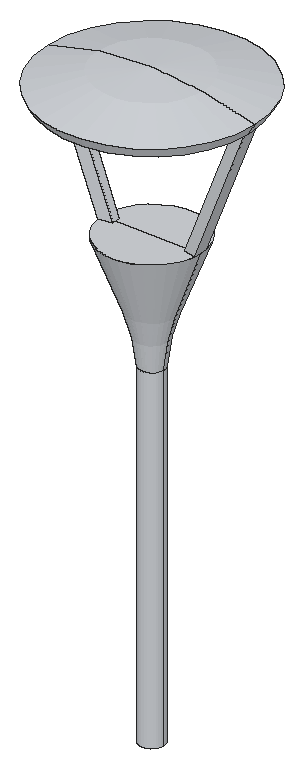
Revit family "O41 LED 2000 HF 830 WB BLACK_Unhosted", category Lighting Fixtures, Revit 2016
Family settings
  Part Type = Normal
  Round Connector Dimension = Use Diameter
  OmniClass Number = 23.80.70.00
  OmniClass Title = Lighting
  Work Plane-Based = No
  Always vertical = Yes
  Cut with Voids When Loaded = No
  Light Source = Yes
  Shared = No
  Room Calculation Point = No
Parameters
  Wiring Accessories = ""
  Wattage Comments = ""
  Wattage = 22 W
  VoltageMax = 240 V
  built-in parameter 1150110 = 1 (stored number, unit not read)
  Voltage = 220 V
  UpdateDate = "25.11.2020 14:30:45"
  URL UK = "http://glamox.com/uk/products/O41-3/items/O418208312"
  URL Sweden = "http://glamox.com/se/produkter/O41-3/items/O418208312"
  URL Russia = "http://glamox.com/ru/products/O41-3"
  URL Other = "http://glamox.com/gsx/products/O41-3"
  URL Norway = "http://glamox.com/no/produkter/O41-3/items/O418208312"
  URL Ireland = "http://glamox.com/ie/products/O41-3/items/O418208312"
  URL Germany = "http://glamox.com/de/products/O41-3/items/O418208312"
  URL Finland = "http://glamox.com/fi/products/O41-3/items/O418208312"
  URL Estonia = "http://glamox.com/ee/products/O41-3/items/O418208312"
  URL Denmark = "http://glamox.com/dk/produkter/O41-3/items/O418208312"
  URL = ""
  TypeOfEmergency = ""
  TypeOfBallast = "HF = High frequency"
  TotalWattage = 22 W
  Total Load = 22 W
  built-in parameter 1114217 = 1 (stored number, unit not read)
  Termination = ""
  Specification = "Outdoor product, in Aluminium, for Facade/Pole mounting, impact classification IK8, IP66, light source LED, lumen out 2000lm, ballast type HF = High frequency, with light source type CRI>80, 3000K, 6 metre cable, optic type WB = Wide Beam Reflector."
  Remark = ""
  RatedVoltage = 220 V
  PowerFactor = 98.00%
  Plug Type = ""
  Optic = "WB"
  NominalFrequencyRange = 50 Hz
  ModelReference = "O41"
  ModelLabel = "O41 LED 2000 HF 830 WB BLACK"
  Maximum TA = 45
  MaintenanceFactor = 0
  MFArtNo = "O418208312"
  LightFixturePlacingType = "POLE"
  LightFixtureMountingType = "POLE_TOP"
  LampBase = ""
  Lamp Wattage Comments = ""
  IP_Code = "66"
  IPClass = "66"
  IK_Code = ""
  IFC Classification = "Light Fixture"
  GlobalTradeItemNumber = "8054378360497"
  Glamox Mounting = "Pole"
  Glamox Family = "O41"
  Glamox Category = "Outdoor"
  FrequencyMax = 60 Hz
  Frequency = 50 Hz
  Expired = "0"
  ELNo Norway = ""
  ELNo Finland = ""
  EANNo = "8054378360497"
  DurationInBatteryMode = ""
  Diameter = 520 mm
  Tilt Angle = 90.00°
  built-in parameter 1150109 = 1 (stored number, unit not read)
  built-in parameter 1150134 = (empty or 0)
  built-in parameter 1150113 = 1 (stored number, unit not read)
  Power Factor = 0.98
  Pole Height [instance] = 850 mm
  Photometric Web File = "O41-LED-2000-830-WB.ies"
  Number of Poles = 1
  LumDiameter = 145 mm
  Load Classification [instance] = Lighting
  Model = ""
  Manufacturer = "Glamox"
  Lumens = 2000 lm
  built-in parameter 1150115 = 1 (stored number, unit not read)
  built-in parameter 1150105 = 159.15 (stored number, unit not read)
  built-in parameter 1150137 = (empty or 0)
  built-in parameter 1150139 = (empty or 0)
  built-in parameter 1150112 = 1 (stored number, unit not read)
  built-in parameter 1150114 = 1 (stored number, unit not read)
  Lamp = "LED"
  Pole Radius = Radius - 15 mm  # -15 mm
  built-in parameter 1150132 = 2
  built-in parameter 1150102 = (empty or 0)
  built-in parameter 1150138 = (empty or 0)
  built-in parameter 1150107 = 3000 (stored number, unit not read)
  built-in parameter 1150106 = 1.5915 (stored number, unit not read)
  Height = 675 mm
  Emit from Circle Diameter = LumDiameter  # 145 mm
  Emit Shape Visible in Rendering = yes
  built-in parameter 1150104 = 8.4457 (stored number, unit not read)
  Dimming Lamp Color Temperature Shift = Incandescent Lamp Curve
  Diameter1 = 0 mm
  Description = "O41 LED 2000 HF 830 WB BLACK"
  Cut Out = ""
  Completion = ""
  Color Filter = 16777215
  Radius = Diameter1 / 2  # 0 mm
  Body Material and Colour = Default
  built-in parameter 1114218 = 1 (stored number, unit not read)
  built-in parameter 1150133 = 10 (stored number, unit not read)
  Assembly Code = ""
  ArticleNumber = "O418208312"
  Apparent Load = Total Load / Power Factor  # 22.449 VA
  #Ballast = 1
  # ballast on a MCB16 type C fuse = "47"
  # ballast on a MCB16 type B fuse = "28"
Reference planes
  plane 1 "Light Source Axis (F/B)": y = 118.827
  plane 2: z = 0
  plane 3 "Light Source Axis (L/R)": x = 0
  plane 4 "Light Source Elevation": z = 1460
  plane 5: x = 30
  plane 6: z = 850
  plane 7: z = 1145
  plane 8: z = 1525
  plane 9: x = 246
  plane 10: x = 260
  plane 11: x = 123
Forms (mm)
  Revolve 1, solid, not visible
    sketch origin (1.173, 0, -16.283) x (1, 0, 0) y (0, 0, 1)
      loop
        arc (260, 1125) -> (132.475, 1162.872) -> (0, 1175) r 675.032
        line (0, 1175) -> (0, 1115) -> (260, 1115) -> (260, 1125)
      axis (0, 1175) -> (0, 1115)
    angle from 0 to 360
  Revolve 2, solid, not visible
    sketch origin (1.173, 0, -16.283) x (1, 0, 0) y (0, 0, 1)
      loop
        line (0, 810) -> (0, 500) -> (35, 500)
        spline (35, 500) -> (35.63, 524.235) -> (37.471, 546.871) -> (40.452, 568.453) -> (44.5, 589.526) -> (49.542, 610.635) -> (55.524, 632.329) -> (62.62, 655.214) -> (71.156, 679.933) -> (81.46, 707.127) -> (93.862, 737.441) -> (108.69, 771.518) -> (126.274, 810)
        line (126.274, 810) -> (0, 810)
      axis (0, 810) -> (0, 500)
    angle from 0 to 360
  Blend 3, solid, not visible
    base sketch origin (1.173, 0, -16.283) x (1, 0, 0) y (0, 1, 0)
      loop
        arc (259.198, -20.401) -> (260, -0.002) -> (259.199, 20.397) r 260
        line (259.199, 20.397) -> (214.199, 20.397)
        arc (214.199, 20.397) -> (215, -0.002) -> (214.198, -20.401) r 260
        line (214.198, -20.401) -> (259.198, -20.401)
    top sketch origin (1.173, 0, -16.283) x (1, 0, 0) y (0, 1, 0)
      loop
        line (81.274, -20.401) -> (124.615, -20.401)
        arc (124.615, -20.401) -> (126.274, -0.002) -> (124.616, 20.397) r 126.274
        line (124.616, 20.397) -> (81.275, 20.397)
        arc (81.275, 20.397) -> (82.076, -0.002) -> (81.274, -20.401) r 260
    from 1115 to 810
  Blend 4, solid, not visible
    base sketch origin (1.173, 0, -16.283) x (-1, 0, 0) y (0, -1, 0)
      loop
        line (259.198, 20.401) -> (214.198, 20.401)
        arc (214.198, 20.401) -> (215, 0.002) -> (214.199, -20.397) r 260
        line (214.199, -20.397) -> (259.199, -20.397)
        arc (259.199, -20.397) -> (260, 0.002) -> (259.198, 20.401) r 260
    top sketch origin (1.173, 0, -16.283) x (-1, 0, 0) y (0, -1, 0)
      loop
        arc (81.274, 20.401) -> (82.076, 0.002) -> (81.275, -20.397) r 260
        line (81.275, -20.397) -> (124.616, -20.397)
        arc (124.616, -20.397) -> (126.274, 0.002) -> (124.615, 20.401) r 126.274
        line (124.615, 20.401) -> (81.274, 20.401)
    from 1115 to 810
  Extrusion 5, solid
    sketch origin (0, 0, 0) x (1, 0, 0) y (0, 1, 0)
      loop
        circle (0, 118.827) r 30.103
    from 0 to 850
  Revolve 6, solid
    sketch origin (0, 118.827, 0) x (1, 0, 0) y (0, 0, 1)
      loop
        line (123, 1145) -> (0, 1145) -> (0, 850) -> (30.103, 850)
        spline (30.103, 850) -> (32.667, 873.994) -> (35.982, 895.858) -> (40.14, 916.494) -> (45.232, 936.807) -> (51.353, 957.701) -> (58.592, 980.078) -> (66.986, 1004.475) -> (76.452, 1030.619) -> (86.887, 1058.126) -> (98.191, 1086.613) -> (110.263, 1115.699) -> (123, 1145)
      axis (0, 850) -> (0, 1145)
    angle from 0 to 360
  Revolve 7, solid
    sketch origin (0, 118.827, 0) x (1, 0, 0) y (0, 0, 1)
      loop
        line (0, 1525) -> (0, 1475) -> (123, 1475) -> (123, 1460) -> (246, 1460) -> (260, 1484.249)
        arc (260, 1484.249) -> (131.724, 1515.622) -> (0, 1525) r 783.274
      axis (0, 1460) -> (0, 1525)
    angle from 0 to 360
  Blend 8, solid
    base sketch origin (0, 0, 0) x (1, 0, 0) y (0, 1, 0)
      loop
        line (245.322, 137.073) -> (214.972, 130.066) -> (214.972, 107.582) -> (245.362, 101.122)
        arc (245.362, 101.122) -> (246, 119.098) -> (245.322, 137.073) r 246
    top sketch origin (0, 0, 0) x (1, 0, 0) y (0, 1, 0)
      loop
        line (121.617, 136.458) -> (91.222, 129.441) -> (91.222, 108.832) -> (121.698, 102.354)
        arc (121.698, 102.354) -> (122.249, 119.407) -> (121.617, 136.458) r 246
    from 1460 to 1145
  Blend 9, solid
    base sketch origin (-0.25, 238.393, 0) x (-1, 0, 0) y (0, -1, 0)
      loop
        line (245.322, 137.073) -> (214.972, 130.066) -> (214.972, 107.582) -> (245.362, 101.122)
        arc (245.362, 101.122) -> (246, 119.098) -> (245.322, 137.073) r 246
    top sketch origin (-0.25, 238.393, 0) x (-1, 0, 0) y (0, -1, 0)
      loop
        line (121.617, 136.458) -> (91.222, 129.441) -> (91.222, 108.832) -> (121.698, 102.354)
        arc (121.698, 102.354) -> (122.249, 119.407) -> (121.617, 136.458) r 246
    from 1460 to 1145
Lines and regions (mm)
  symbolic lines
    curve 1: arc (-260, 118.827, 0) -> (0, 378.827, 0) -> (260, 118.827, 0) r 260
    curve 2: arc (260, 118.827, 0) -> (0, -141.173, 0) -> (-260, 118.827, 0) r 260
    curve 3: line (0, 118.827, 0) -> (183.848, 302.675, 0)
    curve 4: line (0, 118.827, 0) -> (-183.848, 302.675, 0)
    curve 5: line (0, 118.827, 0) -> (-183.848, -65.021, 0)
    curve 6: line (0, 118.827, 0) -> (183.848, -65.021, 0)
Dimensions and locks
  "Pole Height": plane 6 to plane 2
  locked: plane 6 to plane 7 at 295
  locked: plane 6 to plane 4 "Light Source Elevation" at 610
  "Height": plane 6 to plane 8
  locked: plane 5 to plane 3 "Light Source Axis (L/R)" at 30
  locked: plane 11 to plane 3 "Light Source Axis (L/R)" at 123
  locked: plane 9 to plane 3 "Light Source Axis (L/R)" at 246
  locked: plane 10 to plane 3 "Light Source Axis (L/R)" at 260
  aligned and locked: plane 3 "Light Source Axis (L/R)" to imposter light
  aligned and locked: plane 1 "Light Source Axis (F/B)" to imposter light
  aligned and locked: Extrusion 5 to level
  aligned and locked: plane 6 to Extrusion 5
  aligned and locked: plane 11 to Revolve 6 sketch curve
  aligned and locked: plane 3 "Light Source Axis (L/R)" to Revolve 6 sketch curve  (x2)
  aligned and locked: plane 6 to Revolve 6 sketch curve
  aligned and locked: Revolve 6 sketch curve to plane 7
  aligned and locked: plane 3 "Light Source Axis (L/R)" to Revolve 7 sketch curve  (x2)
  aligned and locked: plane 10 to Revolve 7
  aligned and locked: Revolve 7 to plane 4 "Light Source Elevation"
  aligned and locked: Revolve 7 sketch curve to plane 11
  aligned and locked: plane 7 to Blend 8
  aligned and locked: Blend 8 to plane 4 "Light Source Elevation"
  aligned and locked: Blend 9 to plane 7
  aligned and locked: Blend 9 to plane 4 "Light Source Elevation"
Automatic sketch dimensions
  curve 3 to plane 3 "Light Source Axis (L/R)" = 0 mm
  plane 1 "Light Source Axis (F/B)" to curve 6 = 0 mm
  Blend 4 sketch curve to Blend 4 sketch curve = 177.924 mm
  Blend 4 sketch curve to Blend 4 sketch curve = 81.274 mm
  Blend 4 sketch curve to Blend 4 sketch curve = 0 mm  (x3)
  Blend 4 sketch curve to Blend 4 sketch curve = 43.341 mm
  Blend 4 sketch curve to Blend 4 sketch curve = 0.001 mm
  Blend 4 sketch curve to Blend 4 sketch curve = 20.401 mm  (x2)
  Revolve 1 sketch curve to Revolve 1 sketch curve = 4.997 mm
  Revolve 1 sketch curve to Revolve 1 sketch curve = 260 mm
  Revolve 1 sketch curve to Revolve 1 sketch curve = 615.014 mm
  Revolve 1 sketch curve to Revolve 1 sketch curve = 10 mm
  Revolve 1 sketch curve to Revolve 1 sketch curve = 0 mm
  Revolve 1 sketch curve to Revolve 1 sketch curve = 1109.586 mm
  Revolve 1 sketch curve to Revolve 1 sketch curve = 381.882 mm
  Revolve 2 sketch curve to Revolve 2 sketch curve = 35 mm
  Revolve 2 sketch curve to Revolve 2 sketch curve = 126.274 mm
  Revolve 2 sketch curve to Revolve 2 sketch curve = 310 mm
  Revolve 2 sketch curve to Revolve 2 sketch curve = 0 mm
  Revolve 2 sketch curve to Revolve 2 sketch curve = 1109.6 mm
  Revolve 2 sketch curve to Revolve 2 sketch curve = 1799.058 mm
  Blend 3 sketch curve to Blend 3 sketch curve = 45 mm  (x2)
  Blend 3 sketch curve to Blend 3 sketch curve = 214.198 mm
  Blend 3 sketch curve to Blend 3 sketch curve = 0 mm  (x3)
  Blend 3 sketch curve to Blend 3 sketch curve = 20.401 mm  (x2)
  Blend 3 sketch curve to Blend 3 sketch curve = 177.924 mm
  Blend 3 sketch curve to Blend 3 sketch curve = 81.274 mm
  Blend 3 sketch curve to Blend 3 sketch curve = 43.341 mm
  Blend 3 sketch curve to Blend 3 sketch curve = 0.001 mm
  Blend 4 sketch curve to Blend 4 sketch curve = 45 mm  (x2)
  Blend 4 sketch curve to Blend 4 sketch curve = 214.198 mm
  plane 1 "Light Source Axis (F/B)" to Extrusion 5 sketch curve = 0 mm
  Extrusion 5 sketch curve to plane 3 "Light Source Axis (L/R)" = 0 mm
  plane 1 "Light Source Axis (F/B)" to curve 1 = 0 mm
  curve 1 to plane 3 "Light Source Axis (L/R)" = 0 mm
  plane 1 "Light Source Axis (F/B)" to curve 5 = 183.848 mm
  curve 1 to plane 10 = 0 mm
  Revolve 7 sketch curve to plane 4 "Light Source Elevation" = 0 mm
  plane 9 to Revolve 7 sketch curve = 0 mm
  Revolve 7 sketch curve to plane 10 = 0 mm
  Revolve 7 sketch curve to plane 8 = 0 mm
  plane 3 "Light Source Axis (L/R)" to Revolve 7 sketch curve = 10.438 mm
  Revolve 7 sketch curve to plane 6 = 108.204 mm
  Revolve 7 sketch curve to Revolve 7 sketch curve = 15 mm
  Revolve 7 sketch curve to level = 222.363 mm
  Revolve 7 sketch curve to Revolve 7 sketch curve = 495.515 mm
  plane 1 "Light Source Axis (F/B)" to Blend 8 sketch curve = 0 mm  (x2)
  Blend 8 sketch curve to plane 3 "Light Source Axis (L/R)" = 0 mm
  plane 9 to Blend 8 sketch curve = 0.638 mm
  plane 9 to Blend 8 sketch curve = 0.678 mm
  plane 1 "Light Source Axis (F/B)" to Blend 8 sketch curve = 17.705 mm
  Blend 8 sketch curve to Blend 8 sketch curve = 30.39 mm
  plane 1 "Light Source Axis (F/B)" to Blend 8 sketch curve = 11.246 mm
  Blend 8 sketch curve to plane 1 "Light Source Axis (F/B)" = 11.238 mm
  Blend 8 sketch curve to plane 3 "Light Source Axis (L/R)" = 123.75 mm
  plane 1 "Light Source Axis (F/B)" to Blend 8 sketch curve = 9.996 mm
  plane 11 to Blend 8 sketch curve = 31.778 mm
  plane 11 to Blend 8 sketch curve = 1.383 mm
  plane 11 to Blend 8 sketch curve = 1.302 mm
  plane 1 "Light Source Axis (F/B)" to Blend 8 sketch curve = 16.473 mm
  Blend 8 sketch curve to plane 1 "Light Source Axis (F/B)" = 10.613 mm
  Blend 9 sketch curve to plane 3 "Light Source Axis (L/R)" = 0.25 mm
  Blend 9 sketch curve to plane 1 "Light Source Axis (F/B)" = 11.984 mm
  Blend 9 sketch curve to plane 3 "Light Source Axis (L/R)" = 215.222 mm
  plane 1 "Light Source Axis (F/B)" to Blend 9 sketch curve = 17.507 mm
  Blend 9 sketch curve to Blend 9 sketch curve = 30.351 mm
  Blend 9 sketch curve to plane 1 "Light Source Axis (F/B)" = 18.444 mm
  Blend 9 sketch curve to Blend 9 sketch curve = 30.39 mm
  plane 1 "Light Source Axis (F/B)" to Blend 9 sketch curve = 10.5 mm
  Blend 9 sketch curve to plane 11 = 0.5 mm
  Blend 9 sketch curve to plane 1 "Light Source Axis (F/B)" = 10.734 mm
  Blend 9 sketch curve to plane 3 "Light Source Axis (L/R)" = 91.472 mm
  plane 1 "Light Source Axis (F/B)" to Blend 9 sketch curve = 16.892 mm
  Blend 9 sketch curve to Blend 9 sketch curve = 30.396 mm
  Blend 9 sketch curve to plane 1 "Light Source Axis (F/B)" = 17.212 mm
  Blend 9 sketch curve to Blend 9 sketch curve = 30.476 mm
  plane 1 "Light Source Axis (F/B)" to Blend 9 sketch curve = 9.875 mm
  Revolve 6 sketch curve to plane 5 = 0.103 mm
  Revolve 6 sketch curve to level = 222.363 mm
  plane 8 to Revolve 6 sketch curve = 495.515 mm
  radius of Extrusion 5 sketch curve = 30.103 mm
Connectors
  electrical at (0, 118.827, 0), driven by "Load Classification", driven by "Voltage", driven by "Apparent Load", driven by "Power Factor"
    settings: on Extrusion 5, index 1, voltage 220 V, apparent load 0 VA, apparent load phase1 22.449 VA, apparent load phase2 0 VA, apparent load phase3 0 VA, power factor 0.98, load classification "Lighting", number of poles 1, system type 31, power factor state 1, is connector primary yes, connector utility no, sub classification motor no, connector description ""
